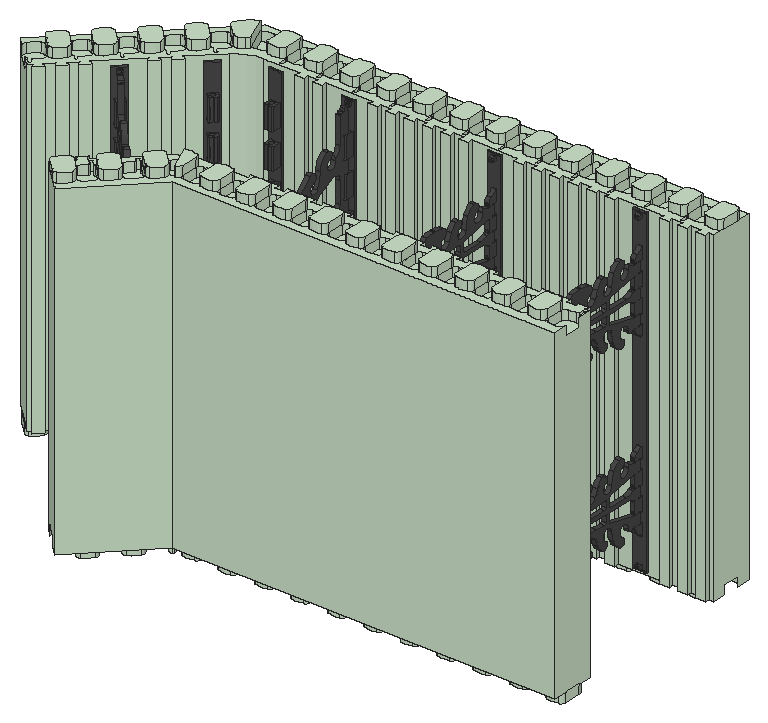
Revit family
Reference planes
  plane 1 "Center (Front/Back)": y = 0
  plane 2: z = 0
  plane 3 "Center (Left/Right)": x = 0
Forms (mm)
  Extrusion 1, solid, material "NUDURA Expanded Polystyrene Foam Insulation"
    sketch origin (-0.068, -0.013, 0) x (1, 0, 0) y (0, 1, 0)
      loop
        line (-69.702, 168.275) -> (-258.843, -20.866) -> (-216.187, -63.523) -> (-211.137, -58.473) -> (-207.767, -64.082) -> (-197.667, -53.983) -> (-203.276, -50.612) -> (-193.177, -40.512) -> (-189.806, -46.122) -> (-179.706, -36.022) -> (-185.316, -32.652) -> (-175.216, -22.552) -> (-171.846, -28.161) -> (-161.746, -18.062) -> (-167.355, -14.691) -> (-121.335, 31.33) -> (-117.964, 25.72) -> (-107.864, 35.82) -> (-113.474, 39.191) -> (-103.374, 49.29) -> (-100.003, 43.681) -> (-89.904, 53.78) -> (-95.513, 57.151) -> (-59.593, 93.071)
        arc (-59.593, 93.071) -> (-43.113, 104.083) -> (-23.672, 107.95) r 50.8
        line (-23.672, 107.95) -> (27.126, 107.95) -> (25.543, 101.6) -> (39.826, 101.6) -> (38.243, 107.95) -> (52.526, 107.95) -> (50.943, 101.6) -> (65.226, 101.6) -> (63.643, 107.95) -> (128.726, 107.95) -> (127.143, 101.6) -> (141.426, 101.6) -> (139.843, 107.95) -> (154.126, 107.95) -> (152.543, 101.6) -> (166.826, 101.6) -> (165.243, 107.95) -> (179.526, 107.95) -> (177.943, 101.6) -> (192.226, 101.6) -> (190.643, 107.95) -> (204.926, 107.95) -> (203.343, 101.6) -> (217.626, 101.6) -> (216.043, 107.95) -> (230.326, 107.95) -> (228.743, 101.6) -> (243.026, 101.6) -> (241.443, 107.95) -> (255.726, 107.95) -> (254.143, 101.6) -> (268.426, 101.6) -> (266.843, 107.95) -> (331.926, 107.95) -> (330.343, 101.6) -> (344.626, 101.6) -> (343.043, 107.95) -> (357.326, 107.95) -> (355.743, 101.6) -> (370.026, 101.6) -> (368.443, 107.95) -> (382.726, 107.95) -> (381.143, 101.6) -> (395.426, 101.6) -> (393.843, 107.95) -> (408.126, 107.95) -> (406.543, 101.6) -> (420.826, 101.6) -> (419.243, 107.95) -> (433.526, 107.95) -> (431.943, 101.6) -> (446.226, 101.6) -> (444.643, 107.95) -> (458.926, 107.95) -> (457.343, 101.6) -> (471.626, 101.6) -> (470.043, 107.95) -> (535.126, 107.95) -> (533.543, 101.6) -> (547.826, 101.6) -> (546.243, 107.95) -> (560.526, 107.95) -> (558.943, 101.6) -> (573.226, 101.6) -> (571.643, 107.95) -> (585.926, 107.95) -> (584.343, 101.6) -> (598.626, 101.6) -> (597.043, 107.95) -> (604.185, 107.95) -> (604.185, 168.275) -> (-69.702, 168.275)
      loop
        line (604.185, -107.95) -> (597.043, -107.95) -> (598.626, -101.6) -> (584.343, -101.6) -> (585.926, -107.95) -> (571.643, -107.95) -> (573.226, -101.6) -> (558.943, -101.6) -> (560.526, -107.95) -> (546.243, -107.95) -> (547.826, -101.6) -> (533.543, -101.6) -> (535.126, -107.95) -> (470.043, -107.95) -> (471.626, -101.6) -> (457.343, -101.6) -> (458.926, -107.95) -> (444.643, -107.95) -> (446.226, -101.6) -> (431.943, -101.6) -> (433.526, -107.95) -> (419.243, -107.95) -> (420.826, -101.6) -> (406.543, -101.6) -> (408.126, -107.95) -> (393.843, -107.95) -> (395.426, -101.6) -> (381.143, -101.6) -> (382.726, -107.95) -> (368.443, -107.95) -> (370.026, -101.6) -> (355.743, -101.6) -> (357.326, -107.95) -> (343.043, -107.95) -> (344.626, -101.6) -> (330.343, -101.6) -> (331.926, -107.95) -> (266.843, -107.95) -> (268.426, -101.6) -> (254.143, -101.6) -> (255.726, -107.95) -> (241.443, -107.95) -> (243.026, -101.6) -> (228.743, -101.6) -> (230.326, -107.95) -> (216.043, -107.95) -> (217.626, -101.6) -> (203.343, -101.6) -> (204.926, -107.95) -> (190.643, -107.95) -> (192.226, -101.6) -> (177.943, -101.6) -> (179.526, -107.95) -> (165.243, -107.95) -> (166.826, -101.6) -> (152.543, -101.6) -> (154.126, -107.95) -> (139.843, -107.95) -> (141.426, -101.6) -> (127.143, -101.6) -> (128.726, -107.95) -> (65.756, -107.95)
        arc (65.756, -107.95) -> (46.316, -111.817) -> (29.835, -122.829) r 50.8
        line (29.835, -122.829) -> (-14.691, -167.355) -> (-18.062, -161.746) -> (-28.161, -171.846) -> (-22.552, -175.216) -> (-32.652, -185.316) -> (-36.022, -179.706) -> (-46.122, -189.806) -> (-40.512, -193.177) -> (-50.612, -203.276) -> (-53.983, -197.667) -> (-64.082, -207.767) -> (-58.473, -211.137) -> (-63.523, -216.187) -> (-20.866, -258.843) -> (69.702, -168.275) -> (604.185, -168.275) -> (604.185, -107.95)
    from 0 to 457.2
  Extrusion 2, solid, material "NUDURA Expanded Polystyrene Foam Insulation"
    sketch origin (-10.589, -25.413, 0) x (1, 0, 0) y (0, 1, 0)
      loop
        line (68.606, -93.663) -> (59.838, -93.663) -> (75.273, -130.926)
        arc (75.273, -130.926) -> (76.095, -130.702) -> (76.91, -130.453) r 26.988
        arc (76.91, -130.453) -> (80.09, -128.147) -> (81.306, -124.411) r 6.35
        line (81.306, -124.411) -> (81.306, -101.014)
        arc (81.306, -101.014) -> (80.09, -97.278) -> (76.91, -94.972) r 6.35
        arc (76.91, -94.972) -> (72.809, -93.992) -> (68.606, -93.663) r 26.987
    from 457.2 to 469.9
  Extrusion 3, solid, material "NUDURA Expanded Polystyrene Foam Insulation"
    sketch origin (-10.589, 25.387, 0) x (1, 0, 0) y (0, 1, 0)
      loop
        line (-38.796, 93.662) -> (-53.326, 128.741)
        arc (-53.326, 128.741) -> (-60.188, 125.074) -> (-66.202, 120.138) r 39.687
        line (-66.202, 120.138) -> (-69.84, 116.501)
        arc (-69.84, 116.501) -> (-72.579, 113.296) -> (-74.786, 109.703) r 26.988
        arc (-74.786, 109.703) -> (-75.404, 105.823) -> (-73.622, 102.322) r 6.35
        line (-73.622, 102.322) -> (-57.077, 85.778)
        arc (-57.077, 85.778) -> (-53.576, 83.995) -> (-49.696, 84.614) r 6.35
        arc (-49.696, 84.614) -> (-46.104, 86.821) -> (-42.899, 89.56) r 26.987
        line (-42.899, 89.56) -> (-38.796, 93.662)
    from 457.2 to 469.9
  Extrusion 4, solid, material "NUDURA Expanded Polystyrene Foam Insulation"
    sketch origin (-10.589, 25.387, 0) x (1, 0, 0) y (0, 1, 0)
      loop
        line (-38.796, 93.662) -> (-32.994, 93.662)
        arc (-32.994, 93.662) -> (-28.791, 93.992) -> (-24.69, 94.972) r 26.988
        arc (-24.69, 94.972) -> (-21.51, 97.278) -> (-20.294, 101.014) r 6.35
        line (-20.294, 101.014) -> (-20.294, 124.411)
        arc (-20.294, 124.411) -> (-21.51, 128.147) -> (-24.69, 130.453) r 6.35
        arc (-24.69, 130.453) -> (-28.791, 131.433) -> (-32.994, 131.762) r 26.987
        line (-32.994, 131.762) -> (-38.139, 131.762)
        arc (-38.139, 131.762) -> (-45.881, 131) -> (-53.326, 128.741) r 39.687
        line (-53.326, 128.741) -> (-38.796, 93.662)
    from 0 to -12.7
  Extrusion 5, solid, material "NUDURA Expanded Polystyrene Foam Insulation"
    sketch origin (25.332, -10.534, 0) x (1, 0, 0) y (0, 1, 0)
      loop
        line (13.936, -128.919) -> (30.48, -145.464)
        arc (30.48, -145.464) -> (33.981, -147.246) -> (37.861, -146.628) r 6.35
        arc (37.861, -146.628) -> (38.613, -146.228) -> (39.352, -145.805) r 26.987
        line (39.352, -145.805) -> (23.917, -108.541) -> (17.718, -114.741)
        arc (17.718, -114.741) -> (14.979, -117.946) -> (12.772, -121.538) r 26.987
        arc (12.772, -121.538) -> (12.153, -125.418) -> (13.936, -128.919) r 6.35
    from 0 to -12.7
  Extrusion 6, void
    sketch origin (25.332, -10.534, 0) x (1, 0, 0) y (0, 1, 0)
      loop
        arc (-33.981, -218.47) -> (-27.183, -213.524) -> (-22.238, -206.726) r 26.988
        arc (-22.238, -206.726) -> (-21.619, -202.847) -> (-23.401, -199.345) r 6.35
        line (-23.401, -199.345) -> (-39.946, -182.801)
        arc (-39.946, -182.801) -> (-41.894, -181.472) -> (-44.193, -180.946) r 6.35
        arc (-44.193, -180.946) -> (-44.768, -180.814) -> (-45.255, -180.482) r 1.587
        line (-45.255, -180.482) -> (-51.471, -174.266) -> (-54.54, -177.334) -> (-50.56, -181.314)
        arc (-50.56, -181.314) -> (-50.1, -182.566) -> (-50.758, -183.727) r 1.588
        arc (-50.758, -183.727) -> (-55.492, -188.056) -> (-59.07, -193.38) r 26.988
        arc (-59.07, -193.38) -> (-59.689, -197.26) -> (-57.906, -200.761) r 6.35
        line (-57.906, -200.761) -> (-41.362, -217.306)
        arc (-41.362, -217.306) -> (-37.861, -219.088) -> (-33.981, -218.47) r 6.35
    from 457.2 to 444.5
  Extrusion 7, void
    sketch origin (61.253, 25.387, 0) x (1, 0, 0) y (0, 1, 0)
      loop
        arc (-33.981, -218.47) -> (-27.183, -213.524) -> (-22.238, -206.726) r 26.988
        arc (-22.238, -206.726) -> (-21.619, -202.847) -> (-23.401, -199.345) r 6.35
        line (-23.401, -199.345) -> (-39.946, -182.801)
        arc (-39.946, -182.801) -> (-41.894, -181.472) -> (-44.193, -180.946) r 6.35
        arc (-44.193, -180.946) -> (-44.768, -180.814) -> (-45.255, -180.482) r 1.587
        line (-45.255, -180.482) -> (-51.471, -174.266) -> (-54.54, -177.334) -> (-50.56, -181.314)
        arc (-50.56, -181.314) -> (-50.1, -182.566) -> (-50.758, -183.727) r 1.588
        arc (-50.758, -183.727) -> (-55.492, -188.056) -> (-59.07, -193.38) r 26.988
        arc (-59.07, -193.38) -> (-59.689, -197.26) -> (-57.906, -200.761) r 6.35
        line (-57.906, -200.761) -> (-41.362, -217.306)
        arc (-41.362, -217.306) -> (-37.861, -219.088) -> (-33.981, -218.47) r 6.35
    from 457.2 to 444.5
  Extrusion 8, void
    sketch origin (253.622, -25.413, 0) x (0.707107, -0.707107, 0) y (0.707107, 0.707107, 0)
      loop
        arc (-33.981, -218.47) -> (-27.183, -213.524) -> (-22.238, -206.726) r 26.988
        arc (-22.238, -206.726) -> (-21.619, -202.847) -> (-23.401, -199.345) r 6.35
        line (-23.401, -199.345) -> (-39.946, -182.801)
        arc (-39.946, -182.801) -> (-41.894, -181.472) -> (-44.193, -180.946) r 6.35
        arc (-44.193, -180.946) -> (-44.768, -180.814) -> (-45.255, -180.482) r 1.587
        line (-45.255, -180.482) -> (-51.471, -174.266) -> (-54.54, -177.334) -> (-50.56, -181.314)
        arc (-50.56, -181.314) -> (-50.1, -182.566) -> (-50.758, -183.727) r 1.588
        arc (-50.758, -183.727) -> (-55.492, -188.056) -> (-59.07, -193.38) r 26.988
        arc (-59.07, -193.38) -> (-59.689, -197.26) -> (-57.906, -200.761) r 6.35
        line (-57.906, -200.761) -> (-41.362, -217.306)
        arc (-41.362, -217.306) -> (-37.861, -219.088) -> (-33.981, -218.47) r 6.35
    from 457.2 to 444.5
  Extrusion 9, void
    sketch origin (304.422, -25.413, 0) x (0.707107, -0.707107, 0) y (0.707107, 0.707107, 0)
      loop
        arc (-33.981, -218.47) -> (-27.183, -213.524) -> (-22.238, -206.726) r 26.988
        arc (-22.238, -206.726) -> (-21.619, -202.847) -> (-23.401, -199.345) r 6.35
        line (-23.401, -199.345) -> (-39.946, -182.801)
        arc (-39.946, -182.801) -> (-41.894, -181.472) -> (-44.193, -180.946) r 6.35
        arc (-44.193, -180.946) -> (-44.768, -180.814) -> (-45.255, -180.482) r 1.587
        line (-45.255, -180.482) -> (-51.471, -174.266) -> (-54.54, -177.334) -> (-50.56, -181.314)
        arc (-50.56, -181.314) -> (-50.1, -182.566) -> (-50.758, -183.727) r 1.588
        arc (-50.758, -183.727) -> (-55.492, -188.056) -> (-59.07, -193.38) r 26.988
        arc (-59.07, -193.38) -> (-59.689, -197.26) -> (-57.906, -200.761) r 6.35
        line (-57.906, -200.761) -> (-41.362, -217.306)
        arc (-41.362, -217.306) -> (-37.861, -219.088) -> (-33.981, -218.47) r 6.35
    from 457.2 to 444.5
  Extrusion 10, void
    sketch origin (355.222, -25.413, 0) x (0.707107, -0.707107, 0) y (0.707107, 0.707107, 0)
      loop
        arc (-33.981, -218.47) -> (-27.183, -213.524) -> (-22.238, -206.726) r 26.988
        arc (-22.238, -206.726) -> (-21.619, -202.847) -> (-23.401, -199.345) r 6.35
        line (-23.401, -199.345) -> (-39.946, -182.801)
        arc (-39.946, -182.801) -> (-41.894, -181.472) -> (-44.193, -180.946) r 6.35
        arc (-44.193, -180.946) -> (-44.768, -180.814) -> (-45.255, -180.482) r 1.587
        line (-45.255, -180.482) -> (-51.471, -174.266) -> (-54.54, -177.334) -> (-50.56, -181.314)
        arc (-50.56, -181.314) -> (-50.1, -182.566) -> (-50.758, -183.727) r 1.588
        arc (-50.758, -183.727) -> (-55.492, -188.056) -> (-59.07, -193.38) r 26.988
        arc (-59.07, -193.38) -> (-59.689, -197.26) -> (-57.906, -200.761) r 6.35
        line (-57.906, -200.761) -> (-41.362, -217.306)
        arc (-41.362, -217.306) -> (-37.861, -219.088) -> (-33.981, -218.47) r 6.35
    from 457.2 to 444.5
  Extrusion 11, void
    sketch origin (406.022, -25.413, 0) x (0.707107, -0.707107, 0) y (0.707107, 0.707107, 0)
      loop
        arc (-33.981, -218.47) -> (-27.183, -213.524) -> (-22.238, -206.726) r 26.988
        arc (-22.238, -206.726) -> (-21.619, -202.847) -> (-23.401, -199.345) r 6.35
        line (-23.401, -199.345) -> (-39.946, -182.801)
        arc (-39.946, -182.801) -> (-41.894, -181.472) -> (-44.193, -180.946) r 6.35
        arc (-44.193, -180.946) -> (-44.768, -180.814) -> (-45.255, -180.482) r 1.587
        line (-45.255, -180.482) -> (-51.471, -174.266) -> (-54.54, -177.334) -> (-50.56, -181.314)
        arc (-50.56, -181.314) -> (-50.1, -182.566) -> (-50.758, -183.727) r 1.588
        arc (-50.758, -183.727) -> (-55.492, -188.056) -> (-59.07, -193.38) r 26.988
        arc (-59.07, -193.38) -> (-59.689, -197.26) -> (-57.906, -200.761) r 6.35
        line (-57.906, -200.761) -> (-41.362, -217.306)
        arc (-41.362, -217.306) -> (-37.861, -219.088) -> (-33.981, -218.47) r 6.35
    from 457.2 to 444.5
  Extrusion 12, void
    sketch origin (456.822, -25.413, 0) x (0.707107, -0.707107, 0) y (0.707107, 0.707107, 0)
      loop
        arc (-33.981, -218.47) -> (-27.183, -213.524) -> (-22.238, -206.726) r 26.988
        arc (-22.238, -206.726) -> (-21.619, -202.847) -> (-23.401, -199.345) r 6.35
        line (-23.401, -199.345) -> (-39.946, -182.801)
        arc (-39.946, -182.801) -> (-41.894, -181.472) -> (-44.193, -180.946) r 6.35
        arc (-44.193, -180.946) -> (-44.768, -180.814) -> (-45.255, -180.482) r 1.587
        line (-45.255, -180.482) -> (-51.471, -174.266) -> (-54.54, -177.334) -> (-50.56, -181.314)
        arc (-50.56, -181.314) -> (-50.1, -182.566) -> (-50.758, -183.727) r 1.588
        arc (-50.758, -183.727) -> (-55.492, -188.056) -> (-59.07, -193.38) r 26.988
        arc (-59.07, -193.38) -> (-59.689, -197.26) -> (-57.906, -200.761) r 6.35
        line (-57.906, -200.761) -> (-41.362, -217.306)
        arc (-41.362, -217.306) -> (-37.861, -219.088) -> (-33.981, -218.47) r 6.35
    from 457.2 to 444.5
  Extrusion 13, void
    sketch origin (507.622, -25.413, 0) x (0.707107, -0.707107, 0) y (0.707107, 0.707107, 0)
      loop
        arc (-33.981, -218.47) -> (-27.183, -213.524) -> (-22.238, -206.726) r 26.988
        arc (-22.238, -206.726) -> (-21.619, -202.847) -> (-23.401, -199.345) r 6.35
        line (-23.401, -199.345) -> (-39.946, -182.801)
        arc (-39.946, -182.801) -> (-41.894, -181.472) -> (-44.193, -180.946) r 6.35
        arc (-44.193, -180.946) -> (-44.768, -180.814) -> (-45.255, -180.482) r 1.587
        line (-45.255, -180.482) -> (-51.471, -174.266) -> (-54.54, -177.334) -> (-50.56, -181.314)
        arc (-50.56, -181.314) -> (-50.1, -182.566) -> (-50.758, -183.727) r 1.588
        arc (-50.758, -183.727) -> (-55.492, -188.056) -> (-59.07, -193.38) r 26.988
        arc (-59.07, -193.38) -> (-59.689, -197.26) -> (-57.906, -200.761) r 6.35
        line (-57.906, -200.761) -> (-41.362, -217.306)
        arc (-41.362, -217.306) -> (-37.861, -219.088) -> (-33.981, -218.47) r 6.35
    from 457.2 to 444.5
  Extrusion 14, void
    sketch origin (558.422, -25.413, 0) x (0.707107, -0.707107, 0) y (0.707107, 0.707107, 0)
      loop
        arc (-33.981, -218.47) -> (-27.183, -213.524) -> (-22.238, -206.726) r 26.988
        arc (-22.238, -206.726) -> (-21.619, -202.847) -> (-23.401, -199.345) r 6.35
        line (-23.401, -199.345) -> (-39.946, -182.801)
        arc (-39.946, -182.801) -> (-41.894, -181.472) -> (-44.193, -180.946) r 6.35
        arc (-44.193, -180.946) -> (-44.768, -180.814) -> (-45.255, -180.482) r 1.587
        line (-45.255, -180.482) -> (-51.471, -174.266) -> (-54.54, -177.334) -> (-50.56, -181.314)
        arc (-50.56, -181.314) -> (-50.1, -182.566) -> (-50.758, -183.727) r 1.588
        arc (-50.758, -183.727) -> (-55.492, -188.056) -> (-59.07, -193.38) r 26.988
        arc (-59.07, -193.38) -> (-59.689, -197.26) -> (-57.906, -200.761) r 6.35
        line (-57.906, -200.761) -> (-41.362, -217.306)
        arc (-41.362, -217.306) -> (-37.861, -219.088) -> (-33.981, -218.47) r 6.35
    from 457.2 to 444.5
  Extrusion 15, void
    sketch origin (609.222, -25.413, 0) x (0.707107, -0.707107, 0) y (0.707107, 0.707107, 0)
      loop
        arc (-33.981, -218.47) -> (-27.183, -213.524) -> (-22.238, -206.726) r 26.988
        arc (-22.238, -206.726) -> (-21.619, -202.847) -> (-23.401, -199.345) r 6.35
        line (-23.401, -199.345) -> (-39.946, -182.801)
        arc (-39.946, -182.801) -> (-41.894, -181.472) -> (-44.193, -180.946) r 6.35
        arc (-44.193, -180.946) -> (-44.768, -180.814) -> (-45.255, -180.482) r 1.587
        line (-45.255, -180.482) -> (-51.471, -174.266) -> (-54.54, -177.334) -> (-50.56, -181.314)
        arc (-50.56, -181.314) -> (-50.1, -182.566) -> (-50.758, -183.727) r 1.588
        arc (-50.758, -183.727) -> (-55.492, -188.056) -> (-59.07, -193.38) r 26.988
        arc (-59.07, -193.38) -> (-59.689, -197.26) -> (-57.906, -200.761) r 6.35
        line (-57.906, -200.761) -> (-41.362, -217.306)
        arc (-41.362, -217.306) -> (-37.861, -219.088) -> (-33.981, -218.47) r 6.35
    from 457.2 to 444.5
  Extrusion 16, void
    sketch origin (660.022, -25.413, 0) x (0.707107, -0.707107, 0) y (0.707107, 0.707107, 0)
      loop
        arc (-33.981, -218.47) -> (-27.183, -213.524) -> (-22.238, -206.726) r 26.988
        arc (-22.238, -206.726) -> (-21.619, -202.847) -> (-23.401, -199.345) r 6.35
        line (-23.401, -199.345) -> (-39.946, -182.801)
        arc (-39.946, -182.801) -> (-41.894, -181.472) -> (-44.193, -180.946) r 6.35
        arc (-44.193, -180.946) -> (-44.768, -180.814) -> (-45.255, -180.482) r 1.587
        line (-45.255, -180.482) -> (-51.471, -174.266) -> (-54.54, -177.334) -> (-50.56, -181.314)
        arc (-50.56, -181.314) -> (-50.1, -182.566) -> (-50.758, -183.727) r 1.588
        arc (-50.758, -183.727) -> (-55.492, -188.056) -> (-59.07, -193.38) r 26.988
        arc (-59.07, -193.38) -> (-59.689, -197.26) -> (-57.906, -200.761) r 6.35
        line (-57.906, -200.761) -> (-41.362, -217.306)
        arc (-41.362, -217.306) -> (-37.861, -219.088) -> (-33.981, -218.47) r 6.35
    from 457.2 to 444.5
  Extrusion 17, void
    sketch origin (710.822, -25.413, 0) x (0.707107, -0.707107, 0) y (0.707107, 0.707107, 0)
      loop
        arc (-33.981, -218.47) -> (-27.183, -213.524) -> (-22.238, -206.726) r 26.988
        arc (-22.238, -206.726) -> (-21.619, -202.847) -> (-23.401, -199.345) r 6.35
        line (-23.401, -199.345) -> (-39.946, -182.801)
        arc (-39.946, -182.801) -> (-41.894, -181.472) -> (-44.193, -180.946) r 6.35
        arc (-44.193, -180.946) -> (-44.768, -180.814) -> (-45.255, -180.482) r 1.587
        line (-45.255, -180.482) -> (-51.471, -174.266) -> (-54.54, -177.334) -> (-50.56, -181.314)
        arc (-50.56, -181.314) -> (-50.1, -182.566) -> (-50.758, -183.727) r 1.588
        arc (-50.758, -183.727) -> (-55.492, -188.056) -> (-59.07, -193.38) r 26.988
        arc (-59.07, -193.38) -> (-59.689, -197.26) -> (-57.906, -200.761) r 6.35
        line (-57.906, -200.761) -> (-41.362, -217.306)
        arc (-41.362, -217.306) -> (-37.861, -219.088) -> (-33.981, -218.47) r 6.35
    from 457.2 to 444.5
  Extrusion 18, void
    sketch origin (761.622, -25.413, 0) x (0.707107, -0.707107, 0) y (0.707107, 0.707107, 0)
      loop
        arc (-33.981, -218.47) -> (-27.183, -213.524) -> (-22.238, -206.726) r 26.988
        arc (-22.238, -206.726) -> (-21.619, -202.847) -> (-23.401, -199.345) r 6.35
        line (-23.401, -199.345) -> (-39.946, -182.801)
        arc (-39.946, -182.801) -> (-41.894, -181.472) -> (-44.193, -180.946) r 6.35
        arc (-44.193, -180.946) -> (-44.768, -180.814) -> (-45.255, -180.482) r 1.587
        line (-45.255, -180.482) -> (-51.471, -174.266) -> (-54.54, -177.334) -> (-50.56, -181.314)
        arc (-50.56, -181.314) -> (-50.1, -182.566) -> (-50.758, -183.727) r 1.588
        arc (-50.758, -183.727) -> (-55.492, -188.056) -> (-59.07, -193.38) r 26.988
        arc (-59.07, -193.38) -> (-59.689, -197.26) -> (-57.906, -200.761) r 6.35
        line (-57.906, -200.761) -> (-41.362, -217.306)
        arc (-41.362, -217.306) -> (-37.861, -219.088) -> (-33.981, -218.47) r 6.35
    from 457.2 to 444.5
  Extrusion 19, void
    sketch origin (345.011, 25.387, 0) x (-0.707107, 0.707107, 0) y (-0.707107, -0.707107, 0)
      loop
        arc (-33.981, -218.47) -> (-27.183, -213.524) -> (-22.238, -206.726) r 26.988
        arc (-22.238, -206.726) -> (-21.619, -202.847) -> (-23.401, -199.345) r 6.35
        line (-23.401, -199.345) -> (-39.946, -182.801)
        arc (-39.946, -182.801) -> (-41.894, -181.472) -> (-44.193, -180.946) r 6.35
        arc (-44.193, -180.946) -> (-44.768, -180.814) -> (-45.255, -180.482) r 1.587
        line (-45.255, -180.482) -> (-51.471, -174.266) -> (-54.54, -177.334) -> (-50.56, -181.314)
        arc (-50.56, -181.314) -> (-50.1, -182.566) -> (-50.758, -183.727) r 1.588
        arc (-50.758, -183.727) -> (-55.492, -188.056) -> (-59.07, -193.38) r 26.988
        arc (-59.07, -193.38) -> (-59.689, -197.26) -> (-57.906, -200.761) r 6.35
        line (-57.906, -200.761) -> (-41.362, -217.306)
        arc (-41.362, -217.306) -> (-37.861, -219.088) -> (-33.981, -218.47) r 6.35
    from 457.2 to 444.5
  Extrusion 20, void
    sketch origin (395.811, 25.387, 0) x (-0.707107, 0.707107, 0) y (-0.707107, -0.707107, 0)
      loop
        arc (-33.981, -218.47) -> (-27.183, -213.524) -> (-22.238, -206.726) r 26.988
        arc (-22.238, -206.726) -> (-21.619, -202.847) -> (-23.401, -199.345) r 6.35
        line (-23.401, -199.345) -> (-39.946, -182.801)
        arc (-39.946, -182.801) -> (-41.894, -181.472) -> (-44.193, -180.946) r 6.35
        arc (-44.193, -180.946) -> (-44.768, -180.814) -> (-45.255, -180.482) r 1.587
        line (-45.255, -180.482) -> (-51.471, -174.266) -> (-54.54, -177.334) -> (-50.56, -181.314)
        arc (-50.56, -181.314) -> (-50.1, -182.566) -> (-50.758, -183.727) r 1.588
        arc (-50.758, -183.727) -> (-55.492, -188.056) -> (-59.07, -193.38) r 26.988
        arc (-59.07, -193.38) -> (-59.689, -197.26) -> (-57.906, -200.761) r 6.35
        line (-57.906, -200.761) -> (-41.362, -217.306)
        arc (-41.362, -217.306) -> (-37.861, -219.088) -> (-33.981, -218.47) r 6.35
    from 457.2 to 444.5
  Extrusion 21, void
    sketch origin (294.211, 25.387, 0) x (-0.707107, 0.707107, 0) y (-0.707107, -0.707107, 0)
      loop
        arc (-33.981, -218.47) -> (-27.183, -213.524) -> (-22.238, -206.726) r 26.988
        arc (-22.238, -206.726) -> (-21.619, -202.847) -> (-23.401, -199.345) r 6.35
        line (-23.401, -199.345) -> (-39.946, -182.801)
        arc (-39.946, -182.801) -> (-41.894, -181.472) -> (-44.193, -180.946) r 6.35
        arc (-44.193, -180.946) -> (-44.768, -180.814) -> (-45.255, -180.482) r 1.587
        line (-45.255, -180.482) -> (-51.471, -174.266) -> (-54.54, -177.334) -> (-50.56, -181.314)
        arc (-50.56, -181.314) -> (-50.1, -182.566) -> (-50.758, -183.727) r 1.588
        arc (-50.758, -183.727) -> (-55.492, -188.056) -> (-59.07, -193.38) r 26.988
        arc (-59.07, -193.38) -> (-59.689, -197.26) -> (-57.906, -200.761) r 6.35
        line (-57.906, -200.761) -> (-41.362, -217.306)
        arc (-41.362, -217.306) -> (-37.861, -219.088) -> (-33.981, -218.47) r 6.35
    from 457.2 to 444.5
  Extrusion 22, void
    sketch origin (243.411, 25.387, 0) x (-0.707107, 0.707107, 0) y (-0.707107, -0.707107, 0)
      loop
        arc (-33.981, -218.47) -> (-27.183, -213.524) -> (-22.238, -206.726) r 26.988
        arc (-22.238, -206.726) -> (-21.619, -202.847) -> (-23.401, -199.345) r 6.35
        line (-23.401, -199.345) -> (-39.946, -182.801)
        arc (-39.946, -182.801) -> (-41.894, -181.472) -> (-44.193, -180.946) r 6.35
        arc (-44.193, -180.946) -> (-44.768, -180.814) -> (-45.255, -180.482) r 1.587
        line (-45.255, -180.482) -> (-51.471, -174.266) -> (-54.54, -177.334) -> (-50.56, -181.314)
        arc (-50.56, -181.314) -> (-50.1, -182.566) -> (-50.758, -183.727) r 1.588
        arc (-50.758, -183.727) -> (-55.492, -188.056) -> (-59.07, -193.38) r 26.988
        arc (-59.07, -193.38) -> (-59.689, -197.26) -> (-57.906, -200.761) r 6.35
        line (-57.906, -200.761) -> (-41.362, -217.306)
        arc (-41.362, -217.306) -> (-37.861, -219.088) -> (-33.981, -218.47) r 6.35
    from 457.2 to 444.5
  Extrusion 23, void
    sketch origin (192.611, 25.387, 0) x (-0.707107, 0.707107, 0) y (-0.707107, -0.707107, 0)
      loop
        arc (-33.981, -218.47) -> (-27.183, -213.524) -> (-22.238, -206.726) r 26.988
        arc (-22.238, -206.726) -> (-21.619, -202.847) -> (-23.401, -199.345) r 6.35
        line (-23.401, -199.345) -> (-39.946, -182.801)
        arc (-39.946, -182.801) -> (-41.894, -181.472) -> (-44.193, -180.946) r 6.35
        arc (-44.193, -180.946) -> (-44.768, -180.814) -> (-45.255, -180.482) r 1.587
        line (-45.255, -180.482) -> (-51.471, -174.266) -> (-54.54, -177.334) -> (-50.56, -181.314)
        arc (-50.56, -181.314) -> (-50.1, -182.566) -> (-50.758, -183.727) r 1.588
        arc (-50.758, -183.727) -> (-55.492, -188.056) -> (-59.07, -193.38) r 26.988
        arc (-59.07, -193.38) -> (-59.689, -197.26) -> (-57.906, -200.761) r 6.35
        line (-57.906, -200.761) -> (-41.362, -217.306)
        arc (-41.362, -217.306) -> (-37.861, -219.088) -> (-33.981, -218.47) r 6.35
    from 457.2 to 444.5
  Extrusion 24, void
    sketch origin (141.811, 25.387, 0) x (-0.707107, 0.707107, 0) y (-0.707107, -0.707107, 0)
      loop
        arc (-33.981, -218.47) -> (-27.183, -213.524) -> (-22.238, -206.726) r 26.988
        arc (-22.238, -206.726) -> (-21.619, -202.847) -> (-23.401, -199.345) r 6.35
        line (-23.401, -199.345) -> (-39.946, -182.801)
        arc (-39.946, -182.801) -> (-41.894, -181.472) -> (-44.193, -180.946) r 6.35
        arc (-44.193, -180.946) -> (-44.768, -180.814) -> (-45.255, -180.482) r 1.587
        line (-45.255, -180.482) -> (-51.471, -174.266) -> (-54.54, -177.334) -> (-50.56, -181.314)
        arc (-50.56, -181.314) -> (-50.1, -182.566) -> (-50.758, -183.727) r 1.588
        arc (-50.758, -183.727) -> (-55.492, -188.056) -> (-59.07, -193.38) r 26.988
        arc (-59.07, -193.38) -> (-59.689, -197.26) -> (-57.906, -200.761) r 6.35
        line (-57.906, -200.761) -> (-41.362, -217.306)
        arc (-41.362, -217.306) -> (-37.861, -219.088) -> (-33.981, -218.47) r 6.35
    from 457.2 to 444.5
  Extrusion 25, void
    sketch origin (91.011, 25.387, 0) x (-0.707107, 0.707107, 0) y (-0.707107, -0.707107, 0)
      loop
        arc (-33.981, -218.47) -> (-27.183, -213.524) -> (-22.238, -206.726) r 26.988
        arc (-22.238, -206.726) -> (-21.619, -202.847) -> (-23.401, -199.345) r 6.35
        line (-23.401, -199.345) -> (-39.946, -182.801)
        arc (-39.946, -182.801) -> (-41.894, -181.472) -> (-44.193, -180.946) r 6.35
        arc (-44.193, -180.946) -> (-44.768, -180.814) -> (-45.255, -180.482) r 1.587
        line (-45.255, -180.482) -> (-51.471, -174.266) -> (-54.54, -177.334) -> (-50.56, -181.314)
        arc (-50.56, -181.314) -> (-50.1, -182.566) -> (-50.758, -183.727) r 1.588
        arc (-50.758, -183.727) -> (-55.492, -188.056) -> (-59.07, -193.38) r 26.988
        arc (-59.07, -193.38) -> (-59.689, -197.26) -> (-57.906, -200.761) r 6.35
        line (-57.906, -200.761) -> (-41.362, -217.306)
        arc (-41.362, -217.306) -> (-37.861, -219.088) -> (-33.981, -218.47) r 6.35
    from 457.2 to 444.5
  Extrusion 26, void
    sketch origin (40.211, 25.387, 0) x (-0.707107, 0.707107, 0) y (-0.707107, -0.707107, 0)
      loop
        arc (-33.981, -218.47) -> (-27.183, -213.524) -> (-22.238, -206.726) r 26.988
        arc (-22.238, -206.726) -> (-21.619, -202.847) -> (-23.401, -199.345) r 6.35
        line (-23.401, -199.345) -> (-39.946, -182.801)
        arc (-39.946, -182.801) -> (-41.894, -181.472) -> (-44.193, -180.946) r 6.35
        arc (-44.193, -180.946) -> (-44.768, -180.814) -> (-45.255, -180.482) r 1.587
        line (-45.255, -180.482) -> (-51.471, -174.266) -> (-54.54, -177.334) -> (-50.56, -181.314)
        arc (-50.56, -181.314) -> (-50.1, -182.566) -> (-50.758, -183.727) r 1.588
        arc (-50.758, -183.727) -> (-55.492, -188.056) -> (-59.07, -193.38) r 26.988
        arc (-59.07, -193.38) -> (-59.689, -197.26) -> (-57.906, -200.761) r 6.35
        line (-57.906, -200.761) -> (-41.362, -217.306)
        arc (-41.362, -217.306) -> (-37.861, -219.088) -> (-33.981, -218.47) r 6.35
    from 457.2 to 444.5
  Extrusion 27, void
    sketch origin (-10.589, 25.387, 0) x (-0.707107, 0.707107, 0) y (-0.707107, -0.707107, 0)
      loop
        arc (-33.981, -218.47) -> (-27.183, -213.524) -> (-22.238, -206.726) r 26.988
        arc (-22.238, -206.726) -> (-21.619, -202.847) -> (-23.401, -199.345) r 6.35
        line (-23.401, -199.345) -> (-39.946, -182.801)
        arc (-39.946, -182.801) -> (-41.894, -181.472) -> (-44.193, -180.946) r 6.35
        arc (-44.193, -180.946) -> (-44.768, -180.814) -> (-45.255, -180.482) r 1.587
        line (-45.255, -180.482) -> (-51.471, -174.266) -> (-54.54, -177.334) -> (-50.56, -181.314)
        arc (-50.56, -181.314) -> (-50.1, -182.566) -> (-50.758, -183.727) r 1.588
        arc (-50.758, -183.727) -> (-55.492, -188.056) -> (-59.07, -193.38) r 26.988
        arc (-59.07, -193.38) -> (-59.689, -197.26) -> (-57.906, -200.761) r 6.35
        line (-57.906, -200.761) -> (-41.362, -217.306)
        arc (-41.362, -217.306) -> (-37.861, -219.088) -> (-33.981, -218.47) r 6.35
    from 457.2 to 444.5
  Extrusion 28, void
    sketch origin (-61.389, 25.387, 0) x (-0.707107, 0.707107, 0) y (-0.707107, -0.707107, 0)
      loop
        arc (-33.981, -218.47) -> (-27.183, -213.524) -> (-22.238, -206.726) r 26.988
        arc (-22.238, -206.726) -> (-21.619, -202.847) -> (-23.401, -199.345) r 6.35
        line (-23.401, -199.345) -> (-39.946, -182.801)
        arc (-39.946, -182.801) -> (-41.894, -181.472) -> (-44.193, -180.946) r 6.35
        arc (-44.193, -180.946) -> (-44.768, -180.814) -> (-45.255, -180.482) r 1.587
        line (-45.255, -180.482) -> (-51.471, -174.266) -> (-54.54, -177.334) -> (-50.56, -181.314)
        arc (-50.56, -181.314) -> (-50.1, -182.566) -> (-50.758, -183.727) r 1.588
        arc (-50.758, -183.727) -> (-55.492, -188.056) -> (-59.07, -193.38) r 26.988
        arc (-59.07, -193.38) -> (-59.689, -197.26) -> (-57.906, -200.761) r 6.35
        line (-57.906, -200.761) -> (-41.362, -217.306)
        arc (-41.362, -217.306) -> (-37.861, -219.088) -> (-33.981, -218.47) r 6.35
    from 457.2 to 444.5
  Extrusion 29, void
    sketch origin (-112.189, 25.387, 0) x (-0.707107, 0.707107, 0) y (-0.707107, -0.707107, 0)
      loop
        arc (-33.981, -218.47) -> (-27.183, -213.524) -> (-22.238, -206.726) r 26.988
        arc (-22.238, -206.726) -> (-21.619, -202.847) -> (-23.401, -199.345) r 6.35
        line (-23.401, -199.345) -> (-39.946, -182.801)
        arc (-39.946, -182.801) -> (-41.894, -181.472) -> (-44.193, -180.946) r 6.35
        arc (-44.193, -180.946) -> (-44.768, -180.814) -> (-45.255, -180.482) r 1.587
        line (-45.255, -180.482) -> (-51.471, -174.266) -> (-54.54, -177.334) -> (-50.56, -181.314)
        arc (-50.56, -181.314) -> (-50.1, -182.566) -> (-50.758, -183.727) r 1.588
        arc (-50.758, -183.727) -> (-55.492, -188.056) -> (-59.07, -193.38) r 26.988
        arc (-59.07, -193.38) -> (-59.689, -197.26) -> (-57.906, -200.761) r 6.35
        line (-57.906, -200.761) -> (-41.362, -217.306)
        arc (-41.362, -217.306) -> (-37.861, -219.088) -> (-33.981, -218.47) r 6.35
    from 457.2 to 444.5
  Extrusion 30, void
    sketch origin (-162.989, 25.387, 0) x (-0.707107, 0.707107, 0) y (-0.707107, -0.707107, 0)
      loop
        arc (-33.981, -218.47) -> (-27.183, -213.524) -> (-22.238, -206.726) r 26.988
        arc (-22.238, -206.726) -> (-21.619, -202.847) -> (-23.401, -199.345) r 6.35
        line (-23.401, -199.345) -> (-39.946, -182.801)
        arc (-39.946, -182.801) -> (-41.894, -181.472) -> (-44.193, -180.946) r 6.35
        arc (-44.193, -180.946) -> (-44.768, -180.814) -> (-45.255, -180.482) r 1.587
        line (-45.255, -180.482) -> (-51.471, -174.266) -> (-54.54, -177.334) -> (-50.56, -181.314)
        arc (-50.56, -181.314) -> (-50.1, -182.566) -> (-50.758, -183.727) r 1.588
        arc (-50.758, -183.727) -> (-55.492, -188.056) -> (-59.07, -193.38) r 26.988
        arc (-59.07, -193.38) -> (-59.689, -197.26) -> (-57.906, -200.761) r 6.35
        line (-57.906, -200.761) -> (-41.362, -217.306)
        arc (-41.362, -217.306) -> (-37.861, -219.088) -> (-33.981, -218.47) r 6.35
    from 457.2 to 444.5
  Extrusion 31, void
    sketch origin (-269.257, -233.281, 0) x (-1, 0, 0) y (0, -1, 0)
      loop
        arc (-33.981, -218.47) -> (-27.183, -213.524) -> (-22.238, -206.726) r 26.988
        arc (-22.238, -206.726) -> (-21.619, -202.847) -> (-23.401, -199.345) r 6.35
        line (-23.401, -199.345) -> (-39.946, -182.801)
        arc (-39.946, -182.801) -> (-41.894, -181.472) -> (-44.193, -180.946) r 6.35
        arc (-44.193, -180.946) -> (-44.768, -180.814) -> (-45.255, -180.482) r 1.587
        line (-45.255, -180.482) -> (-51.471, -174.266) -> (-54.54, -177.334) -> (-50.56, -181.314)
        arc (-50.56, -181.314) -> (-50.1, -182.566) -> (-50.758, -183.727) r 1.588
        arc (-50.758, -183.727) -> (-55.492, -188.056) -> (-59.07, -193.38) r 26.988
        arc (-59.07, -193.38) -> (-59.689, -197.26) -> (-57.906, -200.761) r 6.35
        line (-57.906, -200.761) -> (-41.362, -217.306)
        arc (-41.362, -217.306) -> (-37.861, -219.088) -> (-33.981, -218.47) r 6.35
    from 457.2 to 444.5
  Extrusion 32, void
    sketch origin (-233.336, -197.36, 0) x (-1, 0, 0) y (0, -1, 0)
      loop
        arc (-33.981, -218.47) -> (-27.183, -213.524) -> (-22.238, -206.726) r 26.988
        arc (-22.238, -206.726) -> (-21.619, -202.847) -> (-23.401, -199.345) r 6.35
        line (-23.401, -199.345) -> (-39.946, -182.801)
        arc (-39.946, -182.801) -> (-41.894, -181.472) -> (-44.193, -180.946) r 6.35
        arc (-44.193, -180.946) -> (-44.768, -180.814) -> (-45.255, -180.482) r 1.587
        line (-45.255, -180.482) -> (-51.471, -174.266) -> (-54.54, -177.334) -> (-50.56, -181.314)
        arc (-50.56, -181.314) -> (-50.1, -182.566) -> (-50.758, -183.727) r 1.588
        arc (-50.758, -183.727) -> (-55.492, -188.056) -> (-59.07, -193.38) r 26.988
        arc (-59.07, -193.38) -> (-59.689, -197.26) -> (-57.906, -200.761) r 6.35
        line (-57.906, -200.761) -> (-41.362, -217.306)
        arc (-41.362, -217.306) -> (-37.861, -219.088) -> (-33.981, -218.47) r 6.35
    from 457.2 to 444.5
  Extrusion 33, void
    sketch origin (-197.415, -161.439, 0) x (-1, 0, 0) y (0, -1, 0)
      loop
        arc (-33.981, -218.47) -> (-27.183, -213.524) -> (-22.238, -206.726) r 26.988
        arc (-22.238, -206.726) -> (-21.619, -202.847) -> (-23.401, -199.345) r 6.35
        line (-23.401, -199.345) -> (-39.946, -182.801)
        arc (-39.946, -182.801) -> (-41.894, -181.472) -> (-44.193, -180.946) r 6.35
        arc (-44.193, -180.946) -> (-44.768, -180.814) -> (-45.255, -180.482) r 1.587
        line (-45.255, -180.482) -> (-51.471, -174.266) -> (-54.54, -177.334) -> (-50.56, -181.314)
        arc (-50.56, -181.314) -> (-50.1, -182.566) -> (-50.758, -183.727) r 1.588
        arc (-50.758, -183.727) -> (-55.492, -188.056) -> (-59.07, -193.38) r 26.988
        arc (-59.07, -193.38) -> (-59.689, -197.26) -> (-57.906, -200.761) r 6.35
        line (-57.906, -200.761) -> (-41.362, -217.306)
        arc (-41.362, -217.306) -> (-37.861, -219.088) -> (-33.981, -218.47) r 6.35
    from 457.2 to 444.5
  Extrusion 34, void
    sketch origin (-161.494, -125.518, 0) x (-1, 0, 0) y (0, -1, 0)
      loop
        arc (-33.981, -218.47) -> (-27.183, -213.524) -> (-22.238, -206.726) r 26.988
        arc (-22.238, -206.726) -> (-21.619, -202.847) -> (-23.401, -199.345) r 6.35
        line (-23.401, -199.345) -> (-39.946, -182.801)
        arc (-39.946, -182.801) -> (-41.894, -181.472) -> (-44.193, -180.946) r 6.35
        arc (-44.193, -180.946) -> (-44.768, -180.814) -> (-45.255, -180.482) r 1.587
        line (-45.255, -180.482) -> (-51.471, -174.266) -> (-54.54, -177.334) -> (-50.56, -181.314)
        arc (-50.56, -181.314) -> (-50.1, -182.566) -> (-50.758, -183.727) r 1.588
        arc (-50.758, -183.727) -> (-55.492, -188.056) -> (-59.07, -193.38) r 26.988
        arc (-59.07, -193.38) -> (-59.689, -197.26) -> (-57.906, -200.761) r 6.35
        line (-57.906, -200.761) -> (-41.362, -217.306)
        arc (-41.362, -217.306) -> (-37.861, -219.088) -> (-33.981, -218.47) r 6.35
    from 457.2 to 444.5
  Extrusion 35, void
    sketch origin (-125.573, -89.597, 0) x (-1, 0, 0) y (0, -1, 0)
      loop
        arc (-33.981, -218.47) -> (-27.183, -213.524) -> (-22.238, -206.726) r 26.988
        arc (-22.238, -206.726) -> (-21.619, -202.847) -> (-23.401, -199.345) r 6.35
        line (-23.401, -199.345) -> (-39.946, -182.801)
        arc (-39.946, -182.801) -> (-41.894, -181.472) -> (-44.193, -180.946) r 6.35
        arc (-44.193, -180.946) -> (-44.768, -180.814) -> (-45.255, -180.482) r 1.587
        line (-45.255, -180.482) -> (-51.471, -174.266) -> (-54.54, -177.334) -> (-50.56, -181.314)
        arc (-50.56, -181.314) -> (-50.1, -182.566) -> (-50.758, -183.727) r 1.588
        arc (-50.758, -183.727) -> (-55.492, -188.056) -> (-59.07, -193.38) r 26.988
        arc (-59.07, -193.38) -> (-59.689, -197.26) -> (-57.906, -200.761) r 6.35
        line (-57.906, -200.761) -> (-41.362, -217.306)
        arc (-41.362, -217.306) -> (-37.861, -219.088) -> (-33.981, -218.47) r 6.35
    from 457.2 to 444.5
  Extrusion 36, void
    sketch origin (25.332, -10.534, 0) x (1, 0, 0) y (0, 1, 0)
      loop
        line (23.917, -108.541) -> (17.718, -114.741)
        arc (17.718, -114.741) -> (14.979, -117.946) -> (12.772, -121.538) r 26.987
        arc (12.772, -121.538) -> (12.153, -125.418) -> (13.936, -128.919) r 6.35
        line (13.936, -128.919) -> (30.48, -145.464)
        arc (30.48, -145.464) -> (33.981, -147.246) -> (37.861, -146.628) r 6.35
        arc (37.861, -146.628) -> (38.613, -146.228) -> (39.352, -145.805) r 26.987
        line (39.352, -145.805) -> (23.917, -108.541)
    from 457.2 to 444.5
  Extrusion 37, void
    sketch origin (-10.589, 25.387, 0) x (1, 0, 0) y (0, 1, 0)
      loop
        line (-38.796, 93.662) -> (-32.994, 93.662)
        arc (-32.994, 93.662) -> (-28.791, 93.992) -> (-24.69, 94.972) r 26.988
        arc (-24.69, 94.972) -> (-21.51, 97.278) -> (-20.294, 101.014) r 6.35
        line (-20.294, 101.014) -> (-20.294, 124.411)
        arc (-20.294, 124.411) -> (-21.51, 128.147) -> (-24.69, 130.453) r 6.35
        arc (-24.69, 130.453) -> (-28.791, 131.433) -> (-32.994, 131.762) r 26.987
        line (-32.994, 131.762) -> (-38.139, 131.762)
        arc (-38.139, 131.762) -> (-45.881, 131) -> (-53.326, 128.741) r 39.687
        line (-53.326, 128.741) -> (-38.796, 93.662)
    from 457.2 to 444.5
  Extrusion 38, void
    sketch origin (-10.589, -25.413, 0) x (1, 0, 0) y (0, 1, 0)
      loop
        line (68.606, -93.663) -> (59.838, -93.663) -> (75.273, -130.926)
        arc (75.273, -130.926) -> (76.095, -130.702) -> (76.91, -130.453) r 26.988
        arc (76.91, -130.453) -> (80.09, -128.147) -> (81.306, -124.411) r 6.35
        line (81.306, -124.411) -> (81.306, -101.014)
        arc (81.306, -101.014) -> (80.09, -97.278) -> (76.91, -94.972) r 6.35
        arc (76.91, -94.972) -> (72.809, -93.992) -> (68.606, -93.663) r 26.987
    from 0 to 12.7
  Extrusion 39, void
    sketch origin (-10.589, 25.387, 0) x (1, 0, 0) y (0, 1, 0)
      loop
        line (-66.202, 120.138) -> (-69.84, 116.501)
        arc (-69.84, 116.501) -> (-72.579, 113.296) -> (-74.786, 109.703) r 26.988
        arc (-74.786, 109.703) -> (-75.404, 105.823) -> (-73.622, 102.322) r 6.35
        line (-73.622, 102.322) -> (-57.077, 85.778)
        arc (-57.077, 85.778) -> (-53.576, 83.995) -> (-49.696, 84.614) r 6.35
        arc (-49.696, 84.614) -> (-46.104, 86.821) -> (-42.899, 89.56) r 26.987
        line (-42.899, 89.56) -> (-38.796, 93.662) -> (-53.326, 128.741)
        arc (-53.326, 128.741) -> (-60.188, 125.074) -> (-66.202, 120.138) r 39.687
    from 0 to 12.7
  Extrusion 40, void
    sketch origin (-233.336, -269.202, 0) x (0, -1, 0) y (1, 0, 0)
      loop
        arc (-33.981, 218.47) -> (-37.861, 219.088) -> (-41.362, 217.306) r 6.35
        line (-41.362, 217.306) -> (-57.906, 200.761)
        arc (-57.906, 200.761) -> (-59.689, 197.26) -> (-59.07, 193.38) r 6.35
        arc (-59.07, 193.38) -> (-55.492, 188.056) -> (-50.758, 183.727) r 26.988
        arc (-50.758, 183.727) -> (-50.1, 182.566) -> (-50.56, 181.314) r 1.588
        line (-50.56, 181.314) -> (-54.54, 177.334) -> (-51.471, 174.266) -> (-45.255, 180.482)
        arc (-45.255, 180.482) -> (-44.768, 180.814) -> (-44.193, 180.946) r 1.587
        arc (-44.193, 180.946) -> (-41.894, 181.472) -> (-39.946, 182.801) r 6.35
        line (-39.946, 182.801) -> (-23.401, 199.345)
        arc (-23.401, 199.345) -> (-21.619, 202.847) -> (-22.238, 206.726) r 6.35
        arc (-22.238, 206.726) -> (-27.183, 213.524) -> (-33.981, 218.47) r 26.988
    from 0 to 12.7
  Extrusion 41, void
    sketch origin (-197.415, -233.281, 0) x (0, -1, 0) y (1, 0, 0)
      loop
        arc (-33.981, 218.47) -> (-37.861, 219.088) -> (-41.362, 217.306) r 6.35
        line (-41.362, 217.306) -> (-57.906, 200.761)
        arc (-57.906, 200.761) -> (-59.689, 197.26) -> (-59.07, 193.38) r 6.35
        arc (-59.07, 193.38) -> (-55.492, 188.056) -> (-50.758, 183.727) r 26.988
        arc (-50.758, 183.727) -> (-50.1, 182.566) -> (-50.56, 181.314) r 1.588
        line (-50.56, 181.314) -> (-54.54, 177.334) -> (-51.471, 174.266) -> (-45.255, 180.482)
        arc (-45.255, 180.482) -> (-44.768, 180.814) -> (-44.193, 180.946) r 1.587
        arc (-44.193, 180.946) -> (-41.894, 181.472) -> (-39.946, 182.801) r 6.35
        line (-39.946, 182.801) -> (-23.401, 199.345)
        arc (-23.401, 199.345) -> (-21.619, 202.847) -> (-22.238, 206.726) r 6.35
        arc (-22.238, 206.726) -> (-27.183, 213.524) -> (-33.981, 218.47) r 26.988
    from 0 to 12.7
  Extrusion 42, void
    sketch origin (-161.494, -197.36, 0) x (0, -1, 0) y (1, 0, 0)
      loop
        arc (-33.981, 218.47) -> (-37.861, 219.088) -> (-41.362, 217.306) r 6.35
        line (-41.362, 217.306) -> (-57.906, 200.761)
        arc (-57.906, 200.761) -> (-59.689, 197.26) -> (-59.07, 193.38) r 6.35
        arc (-59.07, 193.38) -> (-55.492, 188.056) -> (-50.758, 183.727) r 26.988
        arc (-50.758, 183.727) -> (-50.1, 182.566) -> (-50.56, 181.314) r 1.588
        line (-50.56, 181.314) -> (-54.54, 177.334) -> (-51.471, 174.266) -> (-45.255, 180.482)
        arc (-45.255, 180.482) -> (-44.768, 180.814) -> (-44.193, 180.946) r 1.587
        arc (-44.193, 180.946) -> (-41.894, 181.472) -> (-39.946, 182.801) r 6.35
        line (-39.946, 182.801) -> (-23.401, 199.345)
        arc (-23.401, 199.345) -> (-21.619, 202.847) -> (-22.238, 206.726) r 6.35
        arc (-22.238, 206.726) -> (-27.183, 213.524) -> (-33.981, 218.47) r 26.988
    from 0 to 12.7
  Extrusion 43, void
    sketch origin (-61.389, -25.413, 0) x (-0.707107, -0.707107, 0) y (0.707107, -0.707107, 0)
      loop
        arc (-33.981, 218.47) -> (-37.861, 219.088) -> (-41.362, 217.306) r 6.35
        line (-41.362, 217.306) -> (-57.906, 200.761)
        arc (-57.906, 200.761) -> (-59.689, 197.26) -> (-59.07, 193.38) r 6.35
        arc (-59.07, 193.38) -> (-55.492, 188.056) -> (-50.758, 183.727) r 26.988
        arc (-50.758, 183.727) -> (-50.1, 182.566) -> (-50.56, 181.314) r 1.588
        line (-50.56, 181.314) -> (-54.54, 177.334) -> (-51.471, 174.266) -> (-45.255, 180.482)
        arc (-45.255, 180.482) -> (-44.768, 180.814) -> (-44.193, 180.946) r 1.587
        arc (-44.193, 180.946) -> (-41.894, 181.472) -> (-39.946, 182.801) r 6.35
        line (-39.946, 182.801) -> (-23.401, 199.345)
        arc (-23.401, 199.345) -> (-21.619, 202.847) -> (-22.238, 206.726) r 6.35
        arc (-22.238, 206.726) -> (-27.183, 213.524) -> (-33.981, 218.47) r 26.988
    from 0 to 12.7
  Extrusion 44, void
    sketch origin (-10.589, -25.413, 0) x (-0.707107, -0.707107, 0) y (0.707107, -0.707107, 0)
      loop
        arc (-33.981, 218.47) -> (-37.861, 219.088) -> (-41.362, 217.306) r 6.35
        line (-41.362, 217.306) -> (-57.906, 200.761)
        arc (-57.906, 200.761) -> (-59.689, 197.26) -> (-59.07, 193.38) r 6.35
        arc (-59.07, 193.38) -> (-55.492, 188.056) -> (-50.758, 183.727) r 26.988
        arc (-50.758, 183.727) -> (-50.1, 182.566) -> (-50.56, 181.314) r 1.588
        line (-50.56, 181.314) -> (-54.54, 177.334) -> (-51.471, 174.266) -> (-45.255, 180.482)
        arc (-45.255, 180.482) -> (-44.768, 180.814) -> (-44.193, 180.946) r 1.587
        arc (-44.193, 180.946) -> (-41.894, 181.472) -> (-39.946, 182.801) r 6.35
        line (-39.946, 182.801) -> (-23.401, 199.345)
        arc (-23.401, 199.345) -> (-21.619, 202.847) -> (-22.238, 206.726) r 6.35
        arc (-22.238, 206.726) -> (-27.183, 213.524) -> (-33.981, 218.47) r 26.988
    from 0 to 12.7
  Extrusion 45, void
    sketch origin (40.211, -25.413, 0) x (-0.707107, -0.707107, 0) y (0.707107, -0.707107, 0)
      loop
        arc (-33.981, 218.47) -> (-37.861, 219.088) -> (-41.362, 217.306) r 6.35
        line (-41.362, 217.306) -> (-57.906, 200.761)
        arc (-57.906, 200.761) -> (-59.689, 197.26) -> (-59.07, 193.38) r 6.35
        arc (-59.07, 193.38) -> (-55.492, 188.056) -> (-50.758, 183.727) r 26.988
        arc (-50.758, 183.727) -> (-50.1, 182.566) -> (-50.56, 181.314) r 1.588
        line (-50.56, 181.314) -> (-54.54, 177.334) -> (-51.471, 174.266) -> (-45.255, 180.482)
        arc (-45.255, 180.482) -> (-44.768, 180.814) -> (-44.193, 180.946) r 1.587
        arc (-44.193, 180.946) -> (-41.894, 181.472) -> (-39.946, 182.801) r 6.35
        line (-39.946, 182.801) -> (-23.401, 199.345)
        arc (-23.401, 199.345) -> (-21.619, 202.847) -> (-22.238, 206.726) r 6.35
        arc (-22.238, 206.726) -> (-27.183, 213.524) -> (-33.981, 218.47) r 26.988
    from 0 to 12.7
  Extrusion 46, void
    sketch origin (91.011, -25.413, 0) x (-0.707107, -0.707107, 0) y (0.707107, -0.707107, 0)
      loop
        arc (-33.981, 218.47) -> (-37.861, 219.088) -> (-41.362, 217.306) r 6.35
        line (-41.362, 217.306) -> (-57.906, 200.761)
        arc (-57.906, 200.761) -> (-59.689, 197.26) -> (-59.07, 193.38) r 6.35
        arc (-59.07, 193.38) -> (-55.492, 188.056) -> (-50.758, 183.727) r 26.988
        arc (-50.758, 183.727) -> (-50.1, 182.566) -> (-50.56, 181.314) r 1.588
        line (-50.56, 181.314) -> (-54.54, 177.334) -> (-51.471, 174.266) -> (-45.255, 180.482)
        arc (-45.255, 180.482) -> (-44.768, 180.814) -> (-44.193, 180.946) r 1.587
        arc (-44.193, 180.946) -> (-41.894, 181.472) -> (-39.946, 182.801) r 6.35
        line (-39.946, 182.801) -> (-23.401, 199.345)
        arc (-23.401, 199.345) -> (-21.619, 202.847) -> (-22.238, 206.726) r 6.35
        arc (-22.238, 206.726) -> (-27.183, 213.524) -> (-33.981, 218.47) r 26.988
    from 0 to 12.7
  Extrusion 47, void
    sketch origin (141.811, -25.413, 0) x (-0.707107, -0.707107, 0) y (0.707107, -0.707107, 0)
      loop
        arc (-33.981, 218.47) -> (-37.861, 219.088) -> (-41.362, 217.306) r 6.35
        line (-41.362, 217.306) -> (-57.906, 200.761)
        arc (-57.906, 200.761) -> (-59.689, 197.26) -> (-59.07, 193.38) r 6.35
        arc (-59.07, 193.38) -> (-55.492, 188.056) -> (-50.758, 183.727) r 26.988
        arc (-50.758, 183.727) -> (-50.1, 182.566) -> (-50.56, 181.314) r 1.588
        line (-50.56, 181.314) -> (-54.54, 177.334) -> (-51.471, 174.266) -> (-45.255, 180.482)
        arc (-45.255, 180.482) -> (-44.768, 180.814) -> (-44.193, 180.946) r 1.587
        arc (-44.193, 180.946) -> (-41.894, 181.472) -> (-39.946, 182.801) r 6.35
        line (-39.946, 182.801) -> (-23.401, 199.345)
        arc (-23.401, 199.345) -> (-21.619, 202.847) -> (-22.238, 206.726) r 6.35
        arc (-22.238, 206.726) -> (-27.183, 213.524) -> (-33.981, 218.47) r 26.988
    from 0 to 12.7
  Extrusion 48, void
    sketch origin (192.611, -25.413, 0) x (-0.707107, -0.707107, 0) y (0.707107, -0.707107, 0)
      loop
        arc (-33.981, 218.47) -> (-37.861, 219.088) -> (-41.362, 217.306) r 6.35
        line (-41.362, 217.306) -> (-57.906, 200.761)
        arc (-57.906, 200.761) -> (-59.689, 197.26) -> (-59.07, 193.38) r 6.35
        arc (-59.07, 193.38) -> (-55.492, 188.056) -> (-50.758, 183.727) r 26.988
        arc (-50.758, 183.727) -> (-50.1, 182.566) -> (-50.56, 181.314) r 1.588
        line (-50.56, 181.314) -> (-54.54, 177.334) -> (-51.471, 174.266) -> (-45.255, 180.482)
        arc (-45.255, 180.482) -> (-44.768, 180.814) -> (-44.193, 180.946) r 1.587
        arc (-44.193, 180.946) -> (-41.894, 181.472) -> (-39.946, 182.801) r 6.35
        line (-39.946, 182.801) -> (-23.401, 199.345)
        arc (-23.401, 199.345) -> (-21.619, 202.847) -> (-22.238, 206.726) r 6.35
        arc (-22.238, 206.726) -> (-27.183, 213.524) -> (-33.981, 218.47) r 26.988
    from 0 to 12.7
  Extrusion 49, void
    sketch origin (243.411, -25.413, 0) x (-0.707107, -0.707107, 0) y (0.707107, -0.707107, 0)
      loop
        arc (-33.981, 218.47) -> (-37.861, 219.088) -> (-41.362, 217.306) r 6.35
        line (-41.362, 217.306) -> (-57.906, 200.761)
        arc (-57.906, 200.761) -> (-59.689, 197.26) -> (-59.07, 193.38) r 6.35
        arc (-59.07, 193.38) -> (-55.492, 188.056) -> (-50.758, 183.727) r 26.988
        arc (-50.758, 183.727) -> (-50.1, 182.566) -> (-50.56, 181.314) r 1.588
        line (-50.56, 181.314) -> (-54.54, 177.334) -> (-51.471, 174.266) -> (-45.255, 180.482)
        arc (-45.255, 180.482) -> (-44.768, 180.814) -> (-44.193, 180.946) r 1.587
        arc (-44.193, 180.946) -> (-41.894, 181.472) -> (-39.946, 182.801) r 6.35
        line (-39.946, 182.801) -> (-23.401, 199.345)
        arc (-23.401, 199.345) -> (-21.619, 202.847) -> (-22.238, 206.726) r 6.35
        arc (-22.238, 206.726) -> (-27.183, 213.524) -> (-33.981, 218.47) r 26.988
    from 0 to 12.7
  Extrusion 50, void
    sketch origin (294.211, -25.413, 0) x (-0.707107, -0.707107, 0) y (0.707107, -0.707107, 0)
      loop
        arc (-33.981, 218.47) -> (-37.861, 219.088) -> (-41.362, 217.306) r 6.35
        line (-41.362, 217.306) -> (-57.906, 200.761)
        arc (-57.906, 200.761) -> (-59.689, 197.26) -> (-59.07, 193.38) r 6.35
        arc (-59.07, 193.38) -> (-55.492, 188.056) -> (-50.758, 183.727) r 26.988
        arc (-50.758, 183.727) -> (-50.1, 182.566) -> (-50.56, 181.314) r 1.588
        line (-50.56, 181.314) -> (-54.54, 177.334) -> (-51.471, 174.266) -> (-45.255, 180.482)
        arc (-45.255, 180.482) -> (-44.768, 180.814) -> (-44.193, 180.946) r 1.587
        arc (-44.193, 180.946) -> (-41.894, 181.472) -> (-39.946, 182.801) r 6.35
        line (-39.946, 182.801) -> (-23.401, 199.345)
        arc (-23.401, 199.345) -> (-21.619, 202.847) -> (-22.238, 206.726) r 6.35
        arc (-22.238, 206.726) -> (-27.183, 213.524) -> (-33.981, 218.47) r 26.988
    from 0 to 12.7
  Extrusion 51, void
    sketch origin (345.011, -25.413, 0) x (-0.707107, -0.707107, 0) y (0.707107, -0.707107, 0)
      loop
        arc (-33.981, 218.47) -> (-37.861, 219.088) -> (-41.362, 217.306) r 6.35
        line (-41.362, 217.306) -> (-57.906, 200.761)
        arc (-57.906, 200.761) -> (-59.689, 197.26) -> (-59.07, 193.38) r 6.35
        arc (-59.07, 193.38) -> (-55.492, 188.056) -> (-50.758, 183.727) r 26.988
        arc (-50.758, 183.727) -> (-50.1, 182.566) -> (-50.56, 181.314) r 1.588
        line (-50.56, 181.314) -> (-54.54, 177.334) -> (-51.471, 174.266) -> (-45.255, 180.482)
        arc (-45.255, 180.482) -> (-44.768, 180.814) -> (-44.193, 180.946) r 1.587
        arc (-44.193, 180.946) -> (-41.894, 181.472) -> (-39.946, 182.801) r 6.35
        line (-39.946, 182.801) -> (-23.401, 199.345)
        arc (-23.401, 199.345) -> (-21.619, 202.847) -> (-22.238, 206.726) r 6.35
        arc (-22.238, 206.726) -> (-27.183, 213.524) -> (-33.981, 218.47) r 26.988
    from 0 to 12.7
  Extrusion 52, void
    sketch origin (395.811, -25.413, 0) x (-0.707107, -0.707107, 0) y (0.707107, -0.707107, 0)
      loop
        arc (-33.981, 218.47) -> (-37.861, 219.088) -> (-41.362, 217.306) r 6.35
        line (-41.362, 217.306) -> (-57.906, 200.761)
        arc (-57.906, 200.761) -> (-59.689, 197.26) -> (-59.07, 193.38) r 6.35
        arc (-59.07, 193.38) -> (-55.492, 188.056) -> (-50.758, 183.727) r 26.988
        arc (-50.758, 183.727) -> (-50.1, 182.566) -> (-50.56, 181.314) r 1.588
        line (-50.56, 181.314) -> (-54.54, 177.334) -> (-51.471, 174.266) -> (-45.255, 180.482)
        arc (-45.255, 180.482) -> (-44.768, 180.814) -> (-44.193, 180.946) r 1.587
        arc (-44.193, 180.946) -> (-41.894, 181.472) -> (-39.946, 182.801) r 6.35
        line (-39.946, 182.801) -> (-23.401, 199.345)
        arc (-23.401, 199.345) -> (-21.619, 202.847) -> (-22.238, 206.726) r 6.35
        arc (-22.238, 206.726) -> (-27.183, 213.524) -> (-33.981, 218.47) r 26.988
    from 0 to 12.7
  Extrusion 53, void
    sketch origin (761.622, 25.387, 0) x (0.707107, 0.707107, 0) y (-0.707107, 0.707107, 0)
      loop
        arc (-33.981, 218.47) -> (-37.861, 219.088) -> (-41.362, 217.306) r 6.35
        line (-41.362, 217.306) -> (-57.906, 200.761)
        arc (-57.906, 200.761) -> (-59.689, 197.26) -> (-59.07, 193.38) r 6.35
        arc (-59.07, 193.38) -> (-55.492, 188.056) -> (-50.758, 183.727) r 26.988
        arc (-50.758, 183.727) -> (-50.1, 182.566) -> (-50.56, 181.314) r 1.588
        line (-50.56, 181.314) -> (-54.54, 177.334) -> (-51.471, 174.266) -> (-45.255, 180.482)
        arc (-45.255, 180.482) -> (-44.768, 180.814) -> (-44.193, 180.946) r 1.587
        arc (-44.193, 180.946) -> (-41.894, 181.472) -> (-39.946, 182.801) r 6.35
        line (-39.946, 182.801) -> (-23.401, 199.345)
        arc (-23.401, 199.345) -> (-21.619, 202.847) -> (-22.238, 206.726) r 6.35
        arc (-22.238, 206.726) -> (-27.183, 213.524) -> (-33.981, 218.47) r 26.988
    from 0 to 12.7
  Extrusion 54, void
    sketch origin (710.822, 25.387, 0) x (0.707107, 0.707107, 0) y (-0.707107, 0.707107, 0)
      loop
        arc (-33.981, 218.47) -> (-37.861, 219.088) -> (-41.362, 217.306) r 6.35
        line (-41.362, 217.306) -> (-57.906, 200.761)
        arc (-57.906, 200.761) -> (-59.689, 197.26) -> (-59.07, 193.38) r 6.35
        arc (-59.07, 193.38) -> (-55.492, 188.056) -> (-50.758, 183.727) r 26.988
        arc (-50.758, 183.727) -> (-50.1, 182.566) -> (-50.56, 181.314) r 1.588
        line (-50.56, 181.314) -> (-54.54, 177.334) -> (-51.471, 174.266) -> (-45.255, 180.482)
        arc (-45.255, 180.482) -> (-44.768, 180.814) -> (-44.193, 180.946) r 1.587
        arc (-44.193, 180.946) -> (-41.894, 181.472) -> (-39.946, 182.801) r 6.35
        line (-39.946, 182.801) -> (-23.401, 199.345)
        arc (-23.401, 199.345) -> (-21.619, 202.847) -> (-22.238, 206.726) r 6.35
        arc (-22.238, 206.726) -> (-27.183, 213.524) -> (-33.981, 218.47) r 26.988
    from 0 to 12.7
  Extrusion 55, void
    sketch origin (660.022, 25.387, 0) x (0.707107, 0.707107, 0) y (-0.707107, 0.707107, 0)
      loop
        arc (-33.981, 218.47) -> (-37.861, 219.088) -> (-41.362, 217.306) r 6.35
        line (-41.362, 217.306) -> (-57.906, 200.761)
        arc (-57.906, 200.761) -> (-59.689, 197.26) -> (-59.07, 193.38) r 6.35
